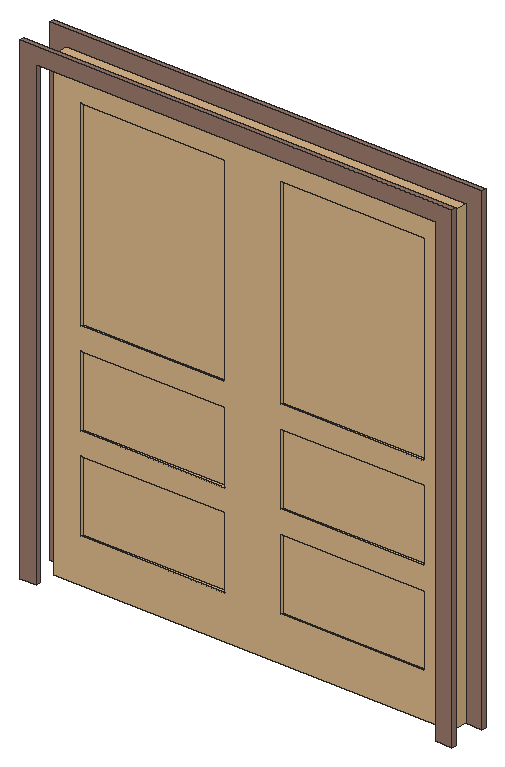
Revit family "0015_M_DR_W_double-panel 1-dbl acting ", category 문, Revit 2026
Family settings
  호스트 = 벽
  항상 수직 = 예
  로드될 때 보이드를 사용하여 절단 = 아니오
  공유 = 아니오
  룸 계산 점 = 아니오
Parameters (values of type "72" x 84"")
  두께 = 0' - 2"
  조합 코드 = "C1020100"
  기능 = 내부
  Door Material = Door - Panel
  Frame Material = Door - Frame
  Height = 7' - 0"
  Rail Width - Center = 0' - 4"
  Top Panel = 3' - 0"
  Trim Projection Ext. = 0' - 0 3/4"
  Trim Projection Int. = 0' - 0 3/4"
  Trim Width Ext. = 0' - 3"
  Trim Width Int. = 0' - 3"
  벽 마무리 = 호스트별
  Width = 6' - 0"
Types (6): name | 두께 | 조합 코드 | Height | Rail Width - Center | Top Panel | Trim Projection Ext. | Trim Projection Int. | Trim Width Ext. | Trim Width Int. | Width
  72" x 78" | 0' - 2" | "C1020100" | 6' - 6" | 0' - 4" | 3' - 0" | 0' - 0 3/4" | 0' - 0 3/4" | 0' - 3" | 0' - 3" | 6' - 0"
  72" x 82" | 0' - 2" | "C1020100" | 6' - 10" | 0' - 4" | 3' - 0" | 0' - 0 3/4" | 0' - 0 3/4" | 0' - 3" | 0' - 3" | 6' - 0"
  68" x 80" | 0' - 2" | "C1020100" | 6' - 8" | 0' - 4" | 3' - 0" | 0' - 0 3/4" | 0' - 0 3/4" | 0' - 3" | 0' - 3" | 5' - 8"
  68" x 84" | 0' - 2" | "C1020100" | 7' - 0" | 0' - 4" | 3' - 0" | 0' - 0 3/4" | 0' - 0 3/4" | 0' - 3" | 0' - 3" | 5' - 8"
  72" x 84" | 0' - 2" | "C1020100" | 7' - 0" | 0' - 4" | 3' - 0" | 0' - 0 3/4" | 0' - 0 3/4" | 0' - 3" | 0' - 3" | 6' - 0"
  1830 x 2134mm | 0' - 1 31/32" | 0' - 0" | 7' - 0 1/64" | 0' - 3 15/16" | 3' - 0 3/128" | 0' - 0 101/128" | 0' - 0 101/128" | 0' - 2 61/64" | 0' - 2 61/64" | 6' - 0 3/64"
Reference planes (in)
  plane 1: y = 0
  plane 2: z = 0
  plane 3 "Center": x = 0
  plane 4 "Left": x = -36
  plane 5 "Right": x = 36
  plane 6 "Top": z = 84
  plane 7: z = 78
  plane 8: z = 42
  plane 9: z = 38
  plane 10: z = 25
  plane 11: z = 21
  plane 12: z = 8
  plane 13: x = 31
  plane 14: x = 5
  plane 15: x = -5
  plane 16: x = -31
  plane 17: y = 1
Forms (in)
  Extrusion 1, solid, material "Door - Frame" <- "Frame Material"
    sketch origin (-90, -3, 0) x (1, 0, 0) y (0, 0, 1)
      loop
        line (54, 0) -> (54, 84) -> (126, 84) -> (126, 0) -> (129, 0) -> (129, 87) -> (51, 87) -> (51, 0) -> (54, 0)
    from 0 to 0.75
  Extrusion 2, solid, material "Door - Panel" <- "Door Material"
    sketch origin (-90, 7, 0) x (-1, 0, 0) y (0, 0, 1)
      loop
        line (-126, 84) -> (-126, 0) -> (-54, 0) -> (-54, 84) -> (-126, 84)
      loop
        line (-121, 78) -> (-121, 42) -> (-95, 42) -> (-95, 78) -> (-121, 78)
      loop
        line (-95, 25) -> (-95, 38) -> (-121, 38) -> (-121, 25) -> (-95, 25)
      loop
        line (-95, 21) -> (-121, 21) -> (-121, 8) -> (-95, 8) -> (-95, 21)
      loop
        line (-59, 78) -> (-85, 78) -> (-85, 42) -> (-59, 42) -> (-59, 78)
      loop
        line (-85, 38) -> (-85, 25) -> (-59, 25) -> (-59, 38) -> (-85, 38)
      loop
        line (-59, 8) -> (-59, 21) -> (-85, 21) -> (-85, 8) -> (-59, 8)
    from -7 to -4
  Extrusion 3, solid, material "Door - Panel" <- "Door Material"
    sketch origin (-90, 3, 0) x (-1, 0, 0) y (0, 0, 1)
      loop
        line (-121, 78) -> (-121, 42) -> (-95, 42) -> (-95, 78) -> (-121, 78)
      loop
        line (-95, 25) -> (-95, 38) -> (-121, 38) -> (-121, 25) -> (-95, 25)
      loop
        line (-95, 21) -> (-121, 21) -> (-121, 8) -> (-95, 8) -> (-95, 21)
      loop
        line (-59, 78) -> (-85, 78) -> (-85, 42) -> (-59, 42) -> (-59, 78)
      loop
        line (-85, 38) -> (-85, 25) -> (-59, 25) -> (-59, 38) -> (-85, 38)
      loop
        line (-85, 21) -> (-85, 8) -> (-59, 8) -> (-59, 21) -> (-85, 21)
    from -0.5 to -2.5
  Extrusion 4, solid, material "Door - Frame" <- "Frame Material"
    sketch origin (-60, 3, 0) x (-1, 0, 0) y (0, 0, 1)
      loop
        line (-99, 87) -> (-99, 0) -> (-96, 0) -> (-96, 84) -> (-24, 84) -> (-24, 0) -> (-21, 0) -> (-21, 87) -> (-99, 87)
    from 0 to 0.75
Lines and regions (in)
  Opening 1
    outline origin (-90, -3, 0) x (1, 0, 0) y (0, 0, 1)
      loop
        line (54, 0) -> (126, 0) -> (126, 84) -> (54, 84) -> (54, 0)
  symbolic lines, style "Elevation Swing"
    curve 1: line (0, 3, 0) -> (-36, 3, 42)
    curve 2: line (-36, 3, 42) -> (0, 3, 84)
    curve 11: line (0, 3, 84) -> (36, 3, 42)
    curve 12: line (0, 3, 0) -> (36, 3, 42)
  symbolic lines, style "DoorsPanelProjection"
    curve 3: line (-36, 3, 0) -> (-34, 3, 0)
    curve 4: line (-36, 3, 0) -> (-36, 39, 0)
    curve 5: line (-36, 39, 0) -> (-34, 39, 0)
    curve 6: line (-34, 3, 0) -> (-34, 39, 0)
    curve 7: line (36, 3, 0) -> (34, 3, 0)
    curve 8: line (36, 3, 0) -> (36, 39, 0)
    curve 9: line (34, 39, 0) -> (36, 39, 0)
    curve 10: line (34, 3, 0) -> (34, 39, 0)
  symbolic lines, style "Dashed Line"
    curve 13: line (-36, 0, 0) -> (-34, 0, 0)
    curve 14: line (-36, 0, 0) -> (-36, -36, 0)
    curve 15: line (-36, -36, 0) -> (-34, -36, 0)
    curve 16: line (-34, 0, 0) -> (-34, -36, 0)
    curve 17: line (36, 0, 0) -> (34, 0, 0)
    curve 18: line (36, 0, 0) -> (36, -36, 0)
    curve 19: line (36, -36, 0) -> (34, -36, 0)
    curve 20: line (34, 0, 0) -> (34, -36, 0)
    curve 25: arc (0, 0, 0) -> (10.54416, -25.45584, 0) -> (36, -36, 0) r 36
    curve 26: arc (0, 0, 0) -> (-10.54416, -25.45584, 0) -> (-36, -36, 0) r 36
  model lines, style "DoorsPanelProjection"
    curve 21: line (0, 3, 84) -> (0, 3, 0)
    curve 22: line (0, 0, 84) -> (0, 0, 0)
  symbolic lines, style "Plan Swing"
    curve 23: arc (0, 3, 0) -> (-10.54416, 28.45584, 0) -> (-36, 39, 0) r 36
    curve 24: arc (-0.01389, 4, 0) -> (10.88056, 28.82662, 0) -> (36, 39.02777, 0) r 36.02777
Text (in)
  text "Exterior" at (-72.45558, 27.31104, 0), in view "Floor Line"
  text "Interior" at (-72.45558, -25.14366, 0), in view "Floor Line"
  text "Exterior" at (0, 40.15149, 123.01588), in view "Right"
  text "Interior" at (0, -64.39139, 123.01588), in view "Right"
  text "Interior" at (0, -31.01599, 113.30032), in view "Left"
  text "Exterior" at (0, 54.57065, 113.30032), in view "Left"
Dimensions and locks (in)
  plane 4 "Left" to plane 3 "Center" to plane 5 "Right" = 3' - 0", 3' - 0"
  "Height": plane 2 to plane 6 "Top"
  "Width": plane 4 "Left" to plane 5 "Right"
  "Trim Width Int.": Extrusion 1 sketch curve to plane 4 "Left"
  "Trim Width Int.": Extrusion 1 sketch curve to plane 5 "Right"
  "Trim Width Int.": Extrusion 1 sketch curve to plane 6 "Top"
  equal spacing: host wall, curve 2, plane 6 "Top"
  "Trim Projection Int.": Extrusion 1 to host wall
  equal spacing: plane 4 "Left", plane 3 "Center", plane 5 "Right"  (x2)
  "두께": curve 6 to curve 4
  "두께": curve 8 to curve 10
  equal spacing: host wall, curve 12, plane 6 "Top"
  locked: host wall to plane 12 at 8
  equal spacing: plane 12, plane 10, plane 8
  "Top Panel": plane 8 to plane 7
  plane 7 to plane 6 "Top" = 0' - 6"
  "Rail Width - Center": plane 9 to plane 8
  "Rail Width - Center": plane 11 to plane 10
  locked: plane 13 to plane 5 "Right" at 5
  locked: plane 16 to plane 4 "Left" at 5
  locked: plane 14 to plane 15 at 10
  locked: Extrusion 2 to Extrusion 3 at 0.5  (x2)
  "Trim Projection Ext.": Extrusion 4 to Extrusion 4
  "Trim Width Ext.": plane 5 "Right" to Extrusion 4 sketch curve
  "Trim Width Ext.": Extrusion 4 sketch curve to plane 4 "Left"
  "Trim Width Ext.": plane 6 "Top" to Extrusion 4 sketch curve
  "두께": plane 17 to host wall
  aligned and locked: plane 4 "Left" to Opening 1 sketch curve
  aligned and locked: plane 6 "Top" to Opening 1 sketch curve  (x2)
  aligned and locked: Opening 1 sketch curve to plane 5 "Right"
  aligned and locked: Opening 1 sketch curve to level
  aligned and locked: plane 4 "Left" to Extrusion 1 sketch curve
  aligned and locked: plane 6 "Top" to Extrusion 1 sketch curve  (x2)
  aligned and locked: plane 5 "Right" to Extrusion 1 sketch curve  (x2)
  aligned and locked: level to Extrusion 1 sketch curve
  aligned and locked: Extrusion 1 sketch curve to level
  aligned and locked: plane 2 to Extrusion 1 sketch curve
  aligned and locked: Extrusion 1 to host wall
  aligned and locked: plane 6 "Top" to curve 2
  aligned and locked: level to curve 1
  aligned and locked: Extrusion 2 sketch curve to plane 4 "Left"
  aligned and locked: plane 13 to Extrusion 2 sketch curve  (x2)
  aligned and locked: plane 7 to Extrusion 2 sketch curve
  aligned and locked: plane 8 to Extrusion 2 sketch curve  (x2)
  aligned and locked: plane 14 to Extrusion 2 sketch curve  (x3)
  aligned and locked: Extrusion 2 sketch curve to plane 10
  aligned and locked: plane 9 to Extrusion 2 sketch curve  (x2)
  aligned and locked: Extrusion 2 sketch curve to plane 13
  aligned and locked: Extrusion 2 sketch curve to plane 11
  aligned and locked: plane 12 to Extrusion 2 sketch curve
  aligned and locked: plane 16 to Extrusion 2 sketch curve  (x3)
  aligned and locked: Extrusion 2 sketch curve to plane 7
  aligned and locked: plane 15 to Extrusion 2 sketch curve  (x2)
  aligned and locked: plane 10 to Extrusion 2 sketch curve
  aligned and locked: Extrusion 2 sketch curve to plane 12
  aligned and locked: plane 11 to Extrusion 2 sketch curve
  aligned and locked: Extrusion 2 sketch curve to plane 15
  aligned and locked: plane 13 to Extrusion 3 sketch curve  (x2)
  aligned and locked: plane 7 to Extrusion 3 sketch curve
  aligned and locked: plane 8 to Extrusion 3 sketch curve  (x2)
  aligned and locked: plane 14 to Extrusion 3 sketch curve  (x3)
  aligned and locked: Extrusion 3 sketch curve to plane 10
  aligned and locked: Extrusion 3 sketch curve to Extrusion 2  (x2)
  aligned and locked: Extrusion 3 sketch curve to plane 11
  aligned and locked: plane 12 to Extrusion 3 sketch curve  (x2)
  aligned and locked: plane 16 to Extrusion 3 sketch curve  (x3)
  aligned and locked: Extrusion 3 sketch curve to plane 7
  aligned and locked: plane 15 to Extrusion 3 sketch curve  (x3)
  aligned and locked: plane 9 to Extrusion 3 sketch curve
  aligned and locked: plane 10 to Extrusion 3 sketch curve
  aligned and locked: plane 11 to Extrusion 3 sketch curve
  aligned and locked: curve 22 to curve 21
  aligned and locked: host wall to Extrusion 2
  aligned and locked: curve 7 to curve 20
  aligned and locked: host wall to curve 7
  aligned and locked: curve 3 to host wall
  aligned and locked: curve 3 to curve 16
  aligned and locked: curve 13 to Extrusion 2
  aligned and locked: curve 17 to Extrusion 2
  aligned and locked: curve 25 to Extrusion 2
  aligned and locked: plane 1 to Extrusion 2
Automatic sketch dimensions
  Extrusion 2 sketch curve to plane 6 "Top" = 0' - 0"
  Extrusion 2 sketch curve to level = 0' - 0"
  Extrusion 2 sketch curve to plane 5 "Right" = 0' - 0"
  Extrusion 4 sketch curve to level = 0' - 0"  (x2)
  Extrusion 4 sketch curve to plane 5 "Right" = 0' - 0"
  Extrusion 4 sketch curve to plane 4 "Left" = 0' - 0"
  Extrusion 4 sketch curve to plane 6 "Top" = 0' - 0"
  curve 26 to plane 4 "Left" = 0' - 0"
  curve 4 to plane 4 "Left" = 0' - 0"
  curve 23 to plane 3 "Center" = 0' - 0"
  curve 26 to plane 3 "Center" = 0' - 0"
  curve 25 to plane 3 "Center" = 0' - 0"
  curve 18 to plane 5 "Right" = 0' - 0"
  curve 8 to plane 5 "Right" = 0' - 0"
  curve 24 to plane 5 "Right" = 0' - 0"
  curve 24 to plane 3 "Center" = 0' - 0.01389"
  curve 24 to curve 8 = 0' - 0"
  curve 23 to curve 3 = 0' - 0"
  curve 10 to curve 24 = 0' - 0.02777"
  curve 22 to plane 3 "Center" = 0' - 0"
  curve 22 to plane 6 "Top" = 0' - 0"
  curve 21 to plane 6 "Top" = 0' - 0"
  curve 22 to level = 0' - 0"
  curve 21 to level = 0' - 0"
  curve 1 to plane 4 "Left" = 0' - 0"
  curve 12 to plane 3 "Center" = 0' - 0"
  curve 2 to plane 3 "Center" = 0' - 0"
  curve 11 to plane 5 "Right" = 0' - 0"
